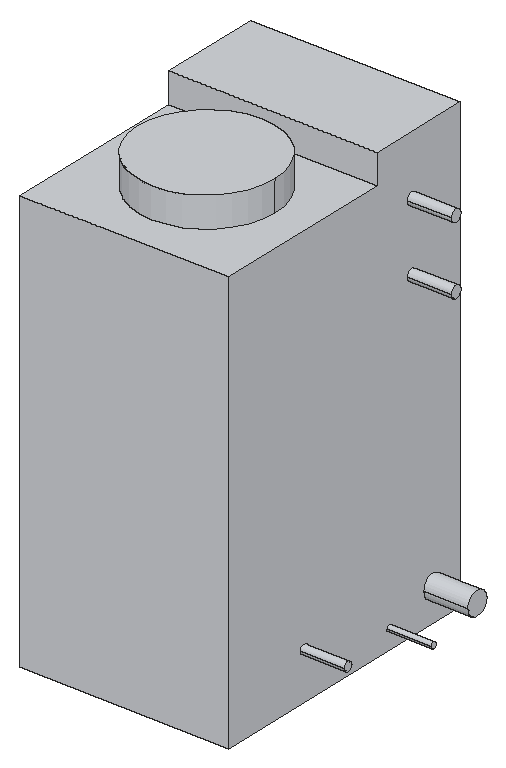
Revit family "M_Condensador - Evaporativo", category Equipamento mecânico, Revit 2019
Family settings
  Cota do conector redondo = Usar raio
  Tipo de parte = Normal
  Número OmniClass = 23.75.10.24.21.24
  Título OmniClass = Liquid Coolers and Evaporative Condensers
  ID de item do Seek = Condenser - Evaporative-0000-CAN-ENU
  Com base no plano de trabalho = Não
  Sempre na vertical = Sim
  Corte com vazios quando carregada = Não
  Compartilhado = Não
  Ponto de cálculo do ambiente = Não
Parameters (values of type "398-590 kW")
  Largura 2 = 1745 mm
  Largura 1 = 540 mm
  Voltagem = 208 V
  Visibilidade 3 = no
  Visibilidade 2 = no
  Visibilidade 1 = yes
  Motor da bomba = "1.5 HP"
  Comprimento da bomba = 400 mm
  Raio do ladrão = 40 mm
  Fluxo do ladrão [instance] = 0.0 L/s
  Diâmetro do ladrão = 2 * Raio do ladrão  # 80 mm
  Raio da saída = 50 mm
  Diâmetro da saída = Raio da saída * 2  # 100 mm
  Número de pólos = 3
  Raio da composição = 7.5 mm
  Diâmetro da composição = Raio da composição * 2  # 15 mm
  Classificação de carga = Refrigeração
  Raio da embocadura = 50 mm
  Diâmetro da embocadura = Raio da embocadura * 2  # 100 mm
  Raio da drenagem = 25 mm
  Fluxo da drenagem [instance] = 0.0 L/s
  Diâmetro da drenagem = 2 * Raio da drenagem  # 50 mm
  Fluxo de material criogênico [instance] = 0.0 L/s
  Motor do ventilador = "7.5 HP"
  Largura do condensador = 2570 mm
  Material do condensador = none
  Comprimento do condensador 3 = Comprimento do condensador / 6  # 310 mm
  Comprimento do condensador 2 = Comprimento do condensador / 2  # 930 mm
  Comprimento do condensador 1 = Comprimento do condensador / 4  # 465 mm
  Comprimento do condensador = 1860 mm
  Altura do condensador = 4030 mm
  Carga aparente [instance] = 7000 VA
Types (6, lengths in mm): name | Largura 2 | Largura 1 | Visibilidade 3 | Visibilidade 2 | Visibilidade 1 | Motor da bomba | Comprimento da bomba | Raio da composição | Diâmetro da composição | Motor do ventilador | Largura do condensador | Comprimento do condensador 3 | Comprimento do condensador 2 | Comprimento do condensador 1 | Comprimento do condensador | Altura do condensador | Carga aparente
  (no name) | 1745 | 540 | no | no | yes | "1.5 HP" | 400 | 7.5 | 15 | "7.5 HP" | 2570 | 310 | 930 | 465 | 1860 | 4030 | 7000 VA
  398-590 kW | 1745 | 540 | no | no | yes | "1.5 HP" | 400 | 7.5 | 15 | "7.5 HP" | 2570 | 310 | 930 | 465 | 1860 | 4030 | 7000 VA
  640-951 kW | 1745 | 540 | no | yes | no | "2 HP" | 415 | 7.5 | 15 | "15 HP" | 2570 | 462.5 | 1387.5 | 693.75 | 2775 | 4030 | 25100 VA
  995-1281 kW | 1745 | 540 | no | yes | no | "3 HP" | 515 | 7.5 | 15 | "20 HP" | 2570 | 615 | 1845 | 922.5 | 3690 | 4030 | 33700 VA
  1219-1897 kW | 790 | 830 | no | yes | no | "5 HP" | 515 | 12.5 | 25 | "20 HP" | 3600 | 615 | 1845 | 922.5 | 3690 | 4845 | 35300 VA
  1928-2991 kW | 790 | 830 | yes | no | yes | "7.5 HP" | 620 | 12.5 | 25 | "30 HP" | 3600 | 920 | 2760 | 1380 | 5520 | 4985 | 52900 VA
Reference planes
  plane 1 "Centro (Frente/Trás)": y = 0
  plane 2: z = 0
  plane 3 "Centro (Esquerda/Direita)": x = 0
  plane 4: y = -2570
  plane 5: x = 1860
  plane 6: x = 2260
  plane 7: y = -914.4
  plane 8: x = 930
  plane 9: y = -2265.2
  plane 10: z = 4030
  plane 11: z = 3760.125
  plane 12: y = -1655.6
  plane 13: y = -540
  plane 14: z = 3502.95
  plane 15: z = 2893.35
  plane 16: z = 304.8
  plane 17: y = -304.8
  plane 18: y = -790.575
  plane 19: z = 431.8
  plane 20: y = -1745
  plane 21: z = 180.975
  plane 22: x = 465
  plane 23: x = 1395
  plane 24: x = 310
  plane 25: x = 1550
  plane 26: z = 304.8
  plane 27: x = 1555.2
  plane 28: x = 304.8
  plane 29: z = 609.6
Forms (mm)
  Extrusion 1, solid, material <- "Material do condensador"
    sketch origin (0, 0, 0) x (1, 0, 0) y (0, 1, 0)
      loop
        line (0, 0) -> (0, -2570) -> (1860, -2570) -> (1860, 0) -> (0, 0)
    from 3760.125 to 0
  Extrusion 2, solid, material <- "Material do condensador"
    sketch origin (0, 0, 0) x (1, 0, 0) y (0, 1, 0)
      loop
        line (0, 0) -> (0, -914.4) -> (1860, -914.4) -> (1860, 0) -> (0, 0)
    from 4030 to 3760.125
  Extrusion 3, solid, material <- "Material do condensador"
    sketch origin (0, 0, 0) x (0, 1, 0) y (0, 0, 1)
      loop
        circle (-304.8, 304.8) r 101.6
    from 1860 to 2260
  Extrusion 4, solid, material <- "Material do condensador"
    sketch origin (0, 0, 0) x (0, 1, 0) y (0, 0, 1)
      loop
        circle (-790.575, 180.975) r 25.4
    from 1860 to 2260
  Extrusion 5, solid, material <- "Material do condensador"
    sketch origin (0, 0, 0) x (0, 1, 0) y (0, 0, 1)
      loop
        circle (-1745, 431.8) r 38.1
    from 1860 to 2260
  Extrusion 6, solid, material <- "Material do condensador"
    sketch origin (0, 0, 0) x (0, 1, 0) y (0, 0, 1)
      loop
        circle (-540, 3502.95) r 50
      loop
        circle (-540, 2893.35) r 50
    from 2260 to 1860
  Extrusion 7, solid, material <- "Material do condensador", visible <- "Visibilidade 1", detail levels fine
    sketch origin (0, 0, 0) x (1, 0, 0) y (0, 1, 0)
      loop
        circle (930, -1655.6) r 609.6
    from 3760.125 to 4030
  Extrusion 8, solid, material <- "Material do condensador", visible <- "Visibilidade 2", detail levels fine
    sketch origin (0, 0, 0) x (1, 0, 0) y (0, 1, 0)
      loop
        circle (465, -1655.6) r 609.6
    from 3760.125 to 4030
  Extrusion 9, solid, material <- "Material do condensador", visible <- "Visibilidade 2", detail levels fine
    sketch origin (0, 0, 0) x (1, 0, 0) y (0, 1, 0)
      loop
        circle (1395, -1655.6) r 609.6
    from 3760.125 to 4030
  Extrusion 10, solid, material <- "Material do condensador", visible <- "Visibilidade 3", detail levels fine
    sketch origin (0, 0, 0) x (1, 0, 0) y (0, 1, 0)
      loop
        circle (310, -1655.6) r 609.6
    from 3760.125 to 4030
  Extrusion 11, solid, material <- "Material do condensador", visible <- "Visibilidade 3", detail levels fine
    sketch origin (0, 0, 0) x (1, 0, 0) y (0, 1, 0)
      loop
        circle (1550, -1655.6) r 609.6
    from 3760.125 to 4030
  Extrusion 12, solid, material <- "Material do condensador"
    sketch origin (0, 0, 0) x (1, 0, 0) y (0, 0, 1)
      loop
        circle (1555.2, 304.8) r 50.8
      loop
        circle (304.8, 609.6) r 50.8
    from 0 to 304.8
Cuts and joins
  joined: Extrusion 1, Extrusion 2, Extrusion 3, Extrusion 4, Extrusion 5, Extrusion 6, Extrusion 12
Dimensions and locks
  "Comprimento do condensador": plane 3 "Centro (Esquerda/Direita)" to plane 5
  "Largura do condensador": plane 4 to plane 1 "Centro (Frente/Trás)"
  "Comprimento da bomba": plane 5 to plane 6
  locked: plane 7 to plane 1 "Centro (Frente/Trás)" at 914.4
  locked: plane 9 to plane 4 at 304.8
  "Altura do condensador": plane 10 to plane 2
  locked: plane 10 to plane 11 at 269.875
  locked: plane 12 to plane 9 at 609.6
  "Largura 1": plane 13 to plane 1 "Centro (Frente/Trás)"
  locked: plane 11 to plane 14 at 257.175
  locked: plane 15 to plane 14 at 609.6
  locked: plane 16 to plane 2 at 304.8
  locked: plane 17 to plane 1 "Centro (Frente/Trás)" at 304.8
  locked: plane 18 to plane 1 "Centro (Frente/Trás)" at 790.575
  locked: plane 2 to plane 19 at 431.8
  "Largura 2": plane 20 to plane 1 "Centro (Frente/Trás)"
  locked: plane 21 to plane 2 at 180.975
  "Comprimento do condensador 2": plane 3 "Centro (Esquerda/Direita)" to plane 8
  "Comprimento do condensador 1": plane 3 "Centro (Esquerda/Direita)" to plane 22
  "Comprimento do condensador 1": plane 23 to plane 5
  "Comprimento do condensador 3": plane 3 "Centro (Esquerda/Direita)" to plane 24
  "Comprimento do condensador 3": plane 25 to plane 5
  locked: plane 2 to plane 29 at 609.6
  locked: plane 3 "Centro (Esquerda/Direita)" to plane 28 at 304.8
  locked: plane 27 to plane 5 at 304.8
  locked: plane 2 to plane 26 at 304.8
  radius of Extrusion 3 sketch curve = 101.6 mm
  radius of Extrusion 4 sketch curve = 25.4 mm
  radius of Extrusion 5 sketch curve = 38.1 mm
  "Raio da embocadura": radius of Extrusion 6 sketch curve
  "Raio da saída": radius of Extrusion 6 sketch curve
  radius of Extrusion 7 sketch curve = 609.6 mm
  radius of Extrusion 8 sketch curve = 609.6 mm
  radius of Extrusion 9 sketch curve = 609.6 mm
  radius of Extrusion 10 sketch curve = 609.6 mm
  radius of Extrusion 11 sketch curve = 609.6 mm
  radius of Extrusion 12 sketch curve = 50.8 mm  (x2)
  aligned and locked: Extrusion 1 to plane 4
  aligned and locked: Extrusion 1 to plane 5
  aligned and locked: Extrusion 1 to plane 3 "Centro (Esquerda/Direita)"
  aligned and locked: Extrusion 1 to plane 1 "Centro (Frente/Trás)"
  aligned and locked: plane 11 to Extrusion 1
  aligned and locked: Extrusion 1 to level
  aligned and locked: Extrusion 2 to plane 3 "Centro (Esquerda/Direita)"
  aligned and locked: Extrusion 2 to plane 1 "Centro (Frente/Trás)"
  aligned and locked: plane 5 to Extrusion 2
  aligned and locked: Extrusion 2 to plane 7
  aligned and locked: plane 10 to Extrusion 2
  aligned and locked: Extrusion 2 to plane 11
  aligned and locked: plane 17 to Extrusion 3 sketch curve
  aligned and locked: plane 16 to Extrusion 3 sketch curve
  aligned and locked: plane 18 to Extrusion 4 sketch curve
  aligned and locked: plane 20 to Extrusion 5 sketch curve
  aligned and locked: plane 19 to Extrusion 5 sketch curve
  aligned and locked: plane 14 to Extrusion 6 sketch curve
  aligned and locked: plane 13 to Extrusion 6 sketch curve  (x2)
  aligned and locked: plane 15 to Extrusion 6 sketch curve
  aligned and locked: plane 6 to Extrusion 3
  aligned and locked: Extrusion 3 to plane 5
  aligned and locked: plane 6 to Extrusion 4
  aligned and locked: Extrusion 4 to plane 5
  aligned and locked: Extrusion 5 to plane 6
  aligned and locked: plane 5 to Extrusion 5
  aligned and locked: Extrusion 6 to plane 5
  aligned and locked: plane 6 to Extrusion 6
  aligned and locked: plane 21 to Extrusion 4 sketch curve
  aligned and locked: Extrusion 7 sketch curve to plane 8
  aligned and locked: plane 12 to Extrusion 7 sketch curve
  aligned and locked: plane 10 to Extrusion 7
  aligned and locked: Extrusion 7 to plane 11
  aligned and locked: plane 12 to Extrusion 8 sketch curve
  aligned and locked: plane 22 to Extrusion 8 sketch curve
  aligned and locked: plane 10 to Extrusion 8
  aligned and locked: Extrusion 8 to plane 11
  aligned and locked: plane 23 to Extrusion 9 sketch curve
  aligned and locked: plane 12 to Extrusion 9 sketch curve
  aligned and locked: plane 10 to Extrusion 9
  aligned and locked: Extrusion 9 to plane 11
  aligned and locked: plane 24 to Extrusion 10 sketch curve
  aligned and locked: plane 12 to Extrusion 10 sketch curve
  aligned and locked: plane 25 to Extrusion 11 sketch curve
  aligned and locked: Extrusion 11 sketch curve to plane 12
  aligned and locked: plane 10 to Extrusion 11
  aligned and locked: Extrusion 11 to plane 11
  aligned and locked: plane 10 to Extrusion 10
  aligned and locked: Extrusion 10 to plane 11
  aligned and locked: plane 28 to Extrusion 12 sketch curve
  aligned and locked: plane 29 to Extrusion 12 sketch curve
  aligned and locked: plane 26 to Extrusion 12 sketch curve
  aligned and locked: plane 27 to Extrusion 12 sketch curve
  aligned and locked: Extrusion 12 to plane 1 "Centro (Frente/Trás)"
  aligned and locked: Extrusion 12 to plane 17
Automatic sketch dimensions
  plane 3 "Centro (Esquerda/Direita)" to Extrusion 1 sketch curve = 0 mm
  Extrusion 1 sketch curve to plane 5 = 0 mm
  Extrusion 1 sketch curve to plane 9 = 304.8 mm
  plane 1 "Centro (Frente/Trás)" to Extrusion 1 sketch curve = 0 mm
  plane 3 "Centro (Esquerda/Direita)" to Extrusion 2 sketch curve = 0 mm
  Extrusion 2 sketch curve to plane 5 = 0 mm
  plane 7 to Extrusion 2 sketch curve = 0 mm
  plane 1 "Centro (Frente/Trás)" to Extrusion 2 sketch curve = 0 mm
Connectors
  piping at (2260, -540, 3502.95), diameter 100, driven by "Fluxo de material criogênico", driven by "Raio da embocadura"
    settings: on cut or joined group of Extrusion 1, Extrusion 2, Extrusion 3, Extrusion 4, Extrusion 5, Extrusion 6, Extrusion 12, index 1, connector inside diameter 100 mm, connector length 0 mm, flow factor 0, pipe flow 0.0 L/s, pressure drop 0.0 Pa, fitting loss kfactor 0, connector angle 0.00°, fixture units 0, engagement length 0 mm, angle of deflection 0.00°, flow configuration 0, flow direction 1, fitting loss method 0, system type 8, joint type 0, gender type 0, connector reference index 2, connector utility 0, adjustable connector no, is connector primary yes, connector description "Entrada de material criogênico"
  piping at (2260, -540, 2893.35), diameter 100, driven by "Fluxo de material criogênico", driven by "Raio da saída"
    settings: on cut or joined group of Extrusion 1, Extrusion 2, Extrusion 3, Extrusion 4, Extrusion 5, Extrusion 6, Extrusion 12, index 2, connector inside diameter 100 mm, connector length 0 mm, flow factor 0, pipe flow 0.0 L/s, pressure drop 0.0 Pa, fitting loss kfactor 0, connector angle 0.00°, fixture units 0, engagement length 0 mm, angle of deflection 0.00°, flow configuration 0, flow direction 2, fitting loss method 0, system type 7, joint type 0, gender type 0, connector reference index 1, connector utility 0, adjustable connector no, is connector primary no, connector description "Saída de material criogênico"
  piping at (2260, -1745, 431.8), diameter 80, driven by "Raio do ladrão", driven by "Fluxo do ladrão"
    settings: on cut or joined group of Extrusion 1, Extrusion 2, Extrusion 3, Extrusion 4, Extrusion 5, Extrusion 6, Extrusion 12, index 3, connector inside diameter 80 mm, connector length 0 mm, flow factor 0, pipe flow 0.0 L/s, pressure drop 0.0 Pa, fitting loss kfactor 0, connector angle 0.00°, fixture units 0, engagement length 0 mm, angle of deflection 0.00°, flow configuration 1, flow direction 2, fitting loss method 0, system type 22, joint type 0, gender type 0, connector reference index -1, connector utility 0, adjustable connector no, is connector primary no, connector description "Ladrão"
  piping at (2260, -790.575, 180.975), diameter 50, driven by "Fluxo da drenagem", driven by "Raio da drenagem"
    settings: on cut or joined group of Extrusion 1, Extrusion 2, Extrusion 3, Extrusion 4, Extrusion 5, Extrusion 6, Extrusion 12, index 4, connector inside diameter 50 mm, connector length 0 mm, flow factor 0, pipe flow 0.0 L/s, pressure drop 0.0 Pa, fitting loss kfactor 0, connector angle 0.00°, fixture units 0, engagement length 0 mm, angle of deflection 0.00°, flow configuration 1, flow direction 2, fitting loss method 0, system type 16, joint type 0, gender type 0, connector reference index -1, connector utility 0, adjustable connector yes, is connector primary no, connector description "Dreno"
  piping at (304.8, 0, 609.6), diameter 15, driven by "Raio da composição"
    settings: on Extrusion 12, index 5, connector inside diameter 15 mm, connector length 0 mm, flow factor 0, pipe flow 0.0 L/s, pressure drop 0.0 Pa, fitting loss kfactor 0, connector angle 0.00°, fixture units 0, engagement length 0 mm, angle of deflection 0.00°, flow configuration 1, flow direction 1, fitting loss method 0, system type 22, joint type 0, gender type 0, connector reference index -1, connector utility 0, adjustable connector no, is connector primary no, connector description "Composição"
  electrical at (1555.2, 0, 304.8), driven by "Carga aparente", driven by "Voltagem", driven by "Número de pólos", driven by "Classificação de carga"
    settings: on Extrusion 12, index 6, voltage 208 V, apparent load 7000 VA, apparent load phase1 0 VA, apparent load phase2 0 VA, apparent load phase3 0 VA, power factor 0.8, load classification "Refrigeração", number of poles 3, system type 30, power factor state 1, is connector primary yes, connector utility no, sub classification motor no, connector description ""
